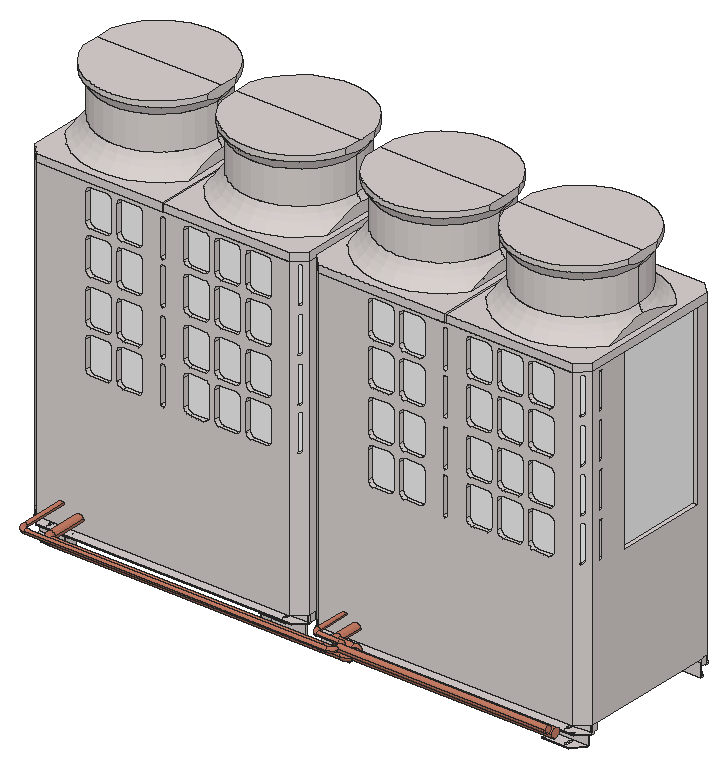
Revit family "PURY-EP900YSNW-A1", category 機械設備, Revit 2016 (continued)
Definition of nested family "PURY-EP450YNW-A1"
  Dimensions and locks
    cut or joined group 1 (Extrusion 1, Extrusion 2, Extrusion 3, Extrusion 4, Extrusion 5, Extrusion 6, Extrusion 7, Extrusion 8, Extrusion 9, Extrusion 10, Extrusion 11, Extrusion 12, Extrusion 13, Extrusion 14, Extrusion 15, Extrusion 16, Extrusion 17, Extrusion 18, Extrusion 19, Extrusion 20, Extrusion 21, Extrusion 22, Extrusion 23, Extrusion 24, Extrusion 25, Extrusion 26, Extrusion 27, Extrusion 28, Extrusion 29, Extrusion 30, Extrusion 31, Extrusion 32, Extrusion 33) to plane 12 to cut or joined group 1 = 805.000 mm, 621.000 mm
    plane 5 to plane 2 = 1858.000 mm  (x2)
    cut or joined group 1 to plane 19 "132" = 132.000 mm
    cut or joined group 1 to plane 22 = 207.000 mm
    cut or joined group 1 to plane 23 = 256.000 mm
    cut or joined group 1 to plane 6 = 60.000 mm
    cut or joined group 1 to cut or joined group 1 = 42.154 mm
    cut or joined group 1 to cut or joined group 1 = 11.895 mm
    nested 1 to nested 3 to level = 1798.000 mm, 60.000 mm
    nested 1 to nested 1 = 303.000 mm
    nested 1 to nested 3 = 1495.000 mm
    nested 8 to nested 8 to nested 8 to nested 7 to nested 7 to nested 7 = 54.000 mm, 20.000 mm, 592.000 mm, 20.000 mm, 54.000 mm
    nested 3 to nested 3 = 56.000 mm
    plane 11 to plane 31 to plane 32 to cut or joined group 1 = 90.000 mm, 1060.000 mm, 90.000 mm
    curve 103 to nested 7 = 90.000 mm
    curve 104 to nested 7 = 125.000 mm
    curve 101 to nested 7 = 100.000 mm
    curve 11 to curve 13 to nested 7 = 84.000 mm, 71.000 mm
    cut or joined group 1 to curve 12 to curve 14 = 125.000 mm, 148.000 mm
    nested 2 to nested 7 = 1495.000 mm
    curve 87 to cut or joined group 1 = 152.000 mm
    curve 88 to cut or joined group 1 = 172.000 mm
    curve 89 to cut or joined group 1 = 216.000 mm
    cut or joined group 1 to curve 4 to curve 2 = 128.000 mm, 150.000 mm
    cut or joined group 1 to curve 1 to curve 3 = 79.000 mm, 94.000 mm
    Extrusion 32 sketch curve to nested 7 = 116.000 mm
    cut or joined group 1 to Extrusion 32 sketch curve = 160.000 mm
    cut or joined group 1 to Extrusion 33 sketch curve = 243.000 mm
    Extrusion 33 sketch curve to nested 7 = 116.000 mm
    aligned and locked: level to plane 2
    aligned and locked: Extrusion 1 to plane 4
  Nested families
    nested 1: "FAN GUARD" at (-311.5, 2, 860), type "FAN GUARD"
      with WIDTH 870.000 mm
    nested 2: "FAN GUARD" at (311.5, 2, 860) x (-1, 0, 0) z (0, 0, 1), type "FAN GUARD"
      with WIDTH 870.000 mm
    nested 3: "ATTACHMENT LEG" at (-524, -349, 0), type "ATTACHMENT LEG"
    nested 4: "ATTACHMENT LEG" at (-524, 349, 0), type "ATTACHMENT LEG"
    nested 5: "ATTACHMENT LEG" at (524, -349, 0) x (-1, 0, 0) z (0, 0, 1), type "ATTACHMENT LEG"
    nested 6: "ATTACHMENT LEG" at (524, 349, 0) x (-1, 0, 0) z (0, 0, 1), type "ATTACHMENT LEG"
    nested 7: "BASE LEG_L_" at (0, -352, 60), type "BASE LEG_L_"
      with Width 1240.000 mm
    nested 8: "BASE LEG_L_" at (0, 352, 60), type "BASE LEG_L_"
      with Width 1240.000 mm
  Connectors
    piping at (-460, -191, 176), diameter 25.4, driven by "Liquid pipe_radius"
      settings: on cut or joined group 1, index 3, connector inside diameter 25.4 mm, connector length 0.000 mm, flow factor 0, pipe flow 0.0 L/s, pressure drop 0.0 Pa, fitting loss kfactor 0, connector angle 0.00°, fixture units 0, engagement length 0.000 mm, angle of deflection 0.00°, flow configuration 0, flow direction 0, fitting loss method 0, system type 22, joint type 0, gender type 0, connector reference index -1, connector utility 0, adjustable connector no, is connector primary yes, connector description "Refrigerant service valve<Liquid pipe>"
    piping at (-377, -191, 176), diameter 28.58, driven by "Gas pipe_radius"
      settings: on cut or joined group 1, index 4, connector inside diameter 28.58 mm, connector length 0.000 mm, flow factor 0, pipe flow 0.0 L/s, pressure drop 0.0 Pa, fitting loss kfactor 0, connector angle 0.00°, fixture units 0, engagement length 0.000 mm, angle of deflection 0.00°, flow configuration 0, flow direction 0, fitting loss method 0, system type 22, joint type 0, gender type 0, connector reference index -1, connector utility 0, adjustable connector no, is connector primary no, connector description "Refrigerant service valve<Gas>"
    electrical at (0, -370, 808)
      settings: on cut or joined group 1, index 5, voltage 0 V, apparent load 0 VA, apparent load phase1 0 VA, apparent load phase2 0 VA, apparent load phase3 0 VA, power factor 1, load classification none, number of poles 1, system type 30, power factor state 1, is connector primary yes, connector utility no, sub classification motor no, connector description ""
  Definition of nested family "FAN GUARD"
    Parameters
      WIDTH [instance] = 870.000 mm
    Reference planes
      plane 1 "中心(正面/背面)": y = -2
      plane 2: z = 0
      plane 3 "ファンガード基準面": z = 661
      plane 4: y = 368
      plane 5: x = 366
      plane 6: x = -375
      plane 7 "ファンガード基準上面": z = 695
      plane 8 "ファンガード上面": z = 998
      plane 9: x = -273.971
      plane 10: x = 308.5
      plane 11: x = -308.5
      plane 12: x = 0
    Forms (mm)
      Extrusion 1, solid
        sketch origin (85, 0, 661) x (-1, 0, 0) y (0, -1, 0)
          loop
            line (343.5, -368) -> (393.5, -318) -> (393.5, 322) -> (343.5, 372) -> (-223.5, 372) -> (-223.5, -368) -> (343.5, -368)
        from 0 to 34
      Revolve 2, solid
        sketch origin (0, -2, 0) x (1, 0, 0) y (0, 0, 1)
          loop
            line (0, 695) -> (0, 998) -> (-290, 998) -> (-290, 972.327) -> (-260, 928.372) -> (-260, 777.384)
            arc (-260, 777.384) -> (-290.651, 730.137) -> (-334.665, 695) r 175.882
            line (-334.665, 695) -> (0, 695)
          axis (0, 998) -> (0, 695)
        angle from 0 to 360
      Extrusion 3, void
        sketch origin (-840, 75, 695) x (-1, 0, 0) y (0, -1, 0)
          loop
            line (-410, -165) -> (-410, 315) -> (-561.253, 315) -> (-561.253, -165) -> (-410, -165)
        from -35 to 430.592
      Extrusion 4, void
        sketch origin (840, 75, 695) x (1, 0, 0) y (0, 1, 0)
          loop
            line (-410, 165) -> (-561.253, 165) -> (-561.253, -315) -> (-410, -315) -> (-410, 165)
        from 0 to 430.592
    Cuts and joins
      Extrusion 3, Extrusion 4 cuts Revolve 2
      Extrusion 4 cuts Extrusion 1
    Lines and regions (mm)
      model lines
        curve 1: line (-278.747, 0, 998) -> (-80, 0, 998)
        curve 2: line (80, 0, 998) -> (278.747, 0, 998)
        curve 3: circle (0, 0, 998) r 80 normal (0, 0, 1)
        curve 4: line (-278.747, -80, 998) -> (278.747, -80, 998)
        curve 5: line (-241.868, -160, 998) -> (241.868, -160, 998)
        curve 6: line (-162.788, -240, 998) -> (162.788, -240, 998)
        curve 7: line (-278.747, 80, 998) -> (278.747, 80, 998)
        curve 8: line (-241.868, 160, 998) -> (240, 160, 998)
        curve 9: line (-160, 240, 998) -> (162.788, 240, 998)
        curve 10: line (0, 290, 998) -> (0, -290, 998)
        curve 11: line (-20, 289.31, 998) -> (-20, -289.31, 998)
        curve 12: line (-40, 287.228, 998) -> (-40, -287.228, 998)
        curve 13: line (-60, 283.725, 998) -> (-60, -283.725, 998)
        curve 14: line (-80, 278.747, 998) -> (-80, -278.747, 998)
        curve 15: line (20, 289.31, 998) -> (20, -289.31, 998)
        curve 16: line (40, 287.228, 998) -> (40, -287.228, 998)
        curve 17: line (60, 283.725, 998) -> (60, -283.725, 998)
        curve 18: line (80, 278.747, 998) -> (80, -278.747, 998)
        curve 19: line (100, 272.213, 998) -> (100, -272.213, 998)
        curve 20: line (120, 264.008, 998) -> (120, -264.008, 998)
        curve 21: line (140, 253.969, 998) -> (140, -253.969, 998)
        curve 22: line (160, 241.868, 998) -> (160, -243.132, 998)
        curve 23: line (180, 227.376, 998) -> (180, -227.624, 998)
        curve 24: line (200, 210, 998) -> (200, -210, 998)
        curve 25: line (220, 188.944, 998) -> (220, -188.944, 998)
        curve 26: line (240, 160, 998) -> (240, -162.788, 998)
        curve 27: line (260, 128.452, 998) -> (260, -128.452, 998)
        curve 28: line (-100, 272.213, 998) -> (-100, -272.213, 998)
        curve 29: line (-120, 264.008, 998) -> (-120, -264.008, 998)
        curve 30: line (-140, 253.969, 998) -> (-140, -253.969, 998)
        curve 31: line (-160, 240, 998) -> (-160, -241.868, 998)
        curve 32: line (-180, 227.376, 998) -> (-180, -227.376, 998)
        curve 33: line (-200, 210, 998) -> (-200, -210, 998)
        curve 34: line (-220, 188.944, 998) -> (-220, -188.944, 998)
        curve 35: line (-240, 162.788, 998) -> (-240, -162.788, 998)
        curve 36: line (-260, 128.452, 998) -> (-260, -128.452, 998)
        curve 37: line (10, 79.373, 998) -> (10, -79.373, 998)
        curve 38: line (-10, 79.373, 998) -> (-10, -79.373, 998)
        curve 39: line (30, 74.162, 998) -> (30, -74.162, 998)
        curve 40: line (50, 62.45, 998) -> (50, -62.45, 998)
        curve 41: line (70, 38.73, 998) -> (70, -38.73, 998)
        curve 42: line (-30, 74.162, 998) -> (-30, -74.162, 998)
        curve 43: line (-50, 62.45, 998) -> (-50, -62.45, 998)
        curve 44: line (-70, 38.73, 998) -> (-70, -38.73, 998)
    Dimensions and locks
      locked: plane 8 "ファンガード上面" to plane 7 "ファンガード基準上面" at 303
      plane 8 "ファンガード上面" to plane 3 "ファンガード基準面" = 337.000 mm
      Revolve 2 sketch curve to Revolve 2 sketch curve = 290.000 mm
      Extrusion 1 sketch curve to Extrusion 1 sketch curve = 740.000 mm
      equal spacing: Extrusion 1 sketch curve, plane 1 "中心(正面/背面)", Extrusion 1 sketch curve
      plane 6 to plane 5 = 741.000 mm
      Extrusion 1 sketch curve to Extrusion 1 sketch curve = 617.000 mm
      plane 11 to plane 10 = 617.000 mm
      cut or joined group of Extrusion 1, Extrusion 4 to cut or joined group of Extrusion 1, Extrusion 4 = 617.000 mm
      cut or joined group of Extrusion 1, Extrusion 4 to cut or joined group of Extrusion 1, Extrusion 4 = 740.000 mm
      aligned and locked: level to plane 2
      aligned and locked: plane 7 "ファンガード基準上面" to Extrusion 1
      aligned and locked: plane 3 "ファンガード基準面" to Extrusion 1
      aligned and locked: cut or joined group of Revolve 2, Extrusion 3, Extrusion 4 to plane 8 "ファンガード上面"
  Definition of nested family "ATTACHMENT LEG"
    Parameters
      Width = 145.000 mm
    Reference planes
      plane 1: z = 0
      plane 2 "中心(左/右)": x = -6
      plane 3: x = -52
      plane 4: x = 85
      plane 5: x = 93
      plane 6: y = -21
      plane 7: y = 27
      plane 8: x = -30
      plane 9: y = 39
      plane 10: z = 60
      plane 11: z = 57
      plane 12: z = 3
      plane 13: x = 82
      plane 14: y = 36
      plane 15: x = -75
      plane 16: y = 31
      plane 17 "幅": x = 93
      plane 18: y = 2.5
      plane 19: y = 21
      plane 20: y = -10
    Forms (mm)
      Extrusion 1, solid
        sketch origin (0, -1, 0) x (1, 0, 0) y (0, 1, 0)
          loop
            line (-75, 36) -> (-75, 27) -> (-28, -20) -> (93, -20) -> (93, 32) -> (85, 32) -> (85, 36) -> (-75, 36)
        from 0 to 60
      Extrusion 2, void
        sketch origin (0, -3, 0) x (1, 0, 0) y (0, 0, 1)
          loop
            line (-75, 57) -> (-75, 3) -> (82, 3) -> (82, 57) -> (-75, 57)
          loop
            line (93, 57) -> (85, 57) -> (85, 3) -> (93, 3) -> (93, 57)
        from -35 to 18
      Extrusion 3, void
        sketch origin (-6, 5.5, 0) x (1, 0, 0) y (0, 1, 0)
          loop
            arc (-7, -8.5) -> (0, -15.5) -> (7, -8.5) r 7
            line (7, -8.5) -> (7, 8.5)
            arc (7, 8.5) -> (0, 15.5) -> (-7, 8.5) r 7
            line (-7, 8.5) -> (-7, -8.5)
        from 0 to 60
    Cuts and joins
      Extrusion 2, Extrusion 3 cuts Extrusion 1
    Dimensions and locks
      locked: plane 3 to plane 4 at 137
      locked: plane 3 to plane 5 at 145
      plane 6 to plane 7 = 48.000 mm
      locked: plane 10 to level at 60
      Extrusion 3 sketch curve to plane 2 "中心(左/右)" = 7.000 mm
      locked: plane 15 to plane 2 "中心(左/右)" at 69
      locked: plane 15 to plane 8 at 45
      locked: plane 6 to plane 18 at 23.5
      cut or joined group of Extrusion 1, Extrusion 2, Extrusion 3 to cut or joined group of Extrusion 1, Extrusion 2, Extrusion 3 = 168.000 mm
      cut or joined group of Extrusion 1, Extrusion 2, Extrusion 3 to cut or joined group of Extrusion 1, Extrusion 2, Extrusion 3 = 56.000 mm  (x2)
      plane 14 to plane 6 = 57.000 mm
      aligned and locked: level to plane 1
      aligned and locked: Extrusion 1 sketch curve to plane 4
      aligned and locked: Extrusion 1 sketch curve to plane 5
      aligned: plane 8 to Extrusion 1 sketch curve
      aligned and locked: plane 10 to Extrusion 1
      aligned and locked: Extrusion 2 sketch curve to plane 11
      aligned: plane 3 to Extrusion 2 sketch curve
      aligned and locked: plane 12 to Extrusion 2 sketch curve
      aligned and locked: Extrusion 2 sketch curve to plane 13
      aligned and locked: plane 6 to Extrusion 2
      aligned and locked: plane 11 to Extrusion 2 sketch curve
      aligned and locked: plane 5 to Extrusion 2 sketch curve
      aligned and locked: Extrusion 2 sketch curve to plane 12
      aligned and locked: Extrusion 2 sketch curve to plane 4
      aligned and locked: plane 15 to Extrusion 1 sketch curve
      aligned and locked: Extrusion 2 sketch curve to cut or joined group of Extrusion 1, Extrusion 2, Extrusion 3
      aligned and locked: Extrusion 1 to plane 16
  Definition of nested family "BASE LEG_L_"
    Parameters
      Width [instance] = 1240.000 mm
    Reference planes
      plane 1 "中心(正面/背面)": y = 0
      plane 2: z = 0
      plane 3 "中心(左/右)": x = 0
      plane 4: x = 620
      plane 5: x = -620
      plane 6: x = -530
      plane 7: x = 530
      plane 8: y = -18
      plane 9: y = 39
      plane 10: z = 53
      plane 11: y = 42
      plane 12: y = 27
      plane 13: x = 575
      plane 14: x = -575
      plane 15: z = 8
      plane 16: y = 11.5
      plane 17: z = 35
    Forms (mm)
      Extrusion 1, solid
        sketch origin (0, 0, 0) x (0, 1, 0) y (0, 0, 1)
          loop
            line (-18, 0) -> (36, 0) -> (36, 32) -> (56, 32) -> (56, 35) -> (33, 35) -> (33, 3) -> (-18, 3) -> (-18, 0)
        from -620 to 620
      Extrusion 2, void
        sketch origin (0, 0, 0) x (1, 0, 0) y (0, 1, 0)
          loop
            line (575, -18) -> (620, -18) -> (620, 27) -> (575, -18)
          loop
            line (-575, -18) -> (-620, 27) -> (-620, -18) -> (-575, -18)
        from 0 to 250
      Extrusion 3, void
        sketch origin (0, 12.023, 0) x (1, 0, 0) y (0, 1, 0)
          loop
            arc (523, -2.971) -> (530, -9.971) -> (537, -2.971) r 7
            line (537, -2.971) -> (537, 3.023)
            arc (537, 3.023) -> (530, 10.023) -> (523, 3.023) r 7
            line (523, 3.023) -> (523, -2.971)
          loop
            line (-523, -2.971) -> (-523, 3.023)
            arc (-523, 3.023) -> (-530, 10.023) -> (-537, 3.023) r 7
            line (-537, 3.023) -> (-537, -2.971)
            arc (-537, -2.971) -> (-530, -9.971) -> (-523, -2.971) r 7
        from 0 to 250
      Extrusion 4, solid
        sketch origin (0, 0, -3) x (1, 0, 0) y (0, 0, 1)
          loop
            line (617, 8) -> (620, 8) -> (620, 35) -> (617, 35) -> (617, 8)
          loop
            line (-617, 8) -> (-617, 35) -> (-620, 35) -> (-620, 8) -> (-617, 8)
        from -36 to -56
      Extrusion 5, solid
        sketch origin (150, 352, 0) x (1, 0, 0) y (0, 1, 0)
          loop
            line (460, -319) -> (455, -319) -> (455, -320) -> (405, -370) -> (410, -370) -> (460, -320) -> (460, -319)
        from 3 to 35
      Extrusion 6, void
        sketch origin (560, -18, 0) x (0.707107, 0.707107, 0) y (0, 0, 1)
          loop
            line (70.711, 3) -> (-6.741, 39.767) -> (-6.741, 3) -> (70.711, 3)
        from -190.256 to 23.776
      Extrusion 7, solid
        sketch origin (-150, 352, 0) x (-1, 0, 0) y (0, -1, 0)
          loop
            line (460, 319) -> (460, 320) -> (410, 370) -> (405, 370) -> (455, 320) -> (455, 319) -> (460, 319)
        from 3 to 35
      Extrusion 8, void
        sketch origin (-560, -18, 0) x (0.707107, -0.707107, 0) y (0, 0, -1)
          loop
            line (-70.711, -3) -> (0, -35) -> (6.741, -35) -> (6.741, -3) -> (-70.711, -3)
        from -190.256 to 23.776
    Cuts and joins
      Extrusion 2, Extrusion 3 cuts Extrusion 1
      joined: Extrusion 1, Extrusion 4
      Extrusion 8 cuts Extrusion 7
      Extrusion 6 cuts Extrusion 5
    Dimensions and locks
      "Width": plane 5 to plane 4
      equal spacing: plane 5, plane 3 "中心(左/右)", plane 4
      locked: plane 5 to plane 6 at 90
      locked: plane 7 to plane 4 at 90
      locked: plane 8 to plane 9 at 57
      locked: plane 10 to level at 53
      locked: plane 9 to plane 11 at 3
      plane 8 to plane 12 = 45.000 mm
      locked: plane 13 to plane 4 at 45
      locked: plane 5 to plane 14 at 45
      equal spacing: Extrusion 3 sketch curve, plane 7, Extrusion 3 sketch curve
      equal spacing: Extrusion 3 sketch curve, plane 6, Extrusion 3 sketch curve
      locked: plane 10 to plane 15 at 45
      locked: cut or joined group of Extrusion 1, Extrusion 2, Extrusion 3, Extrusion 4 to Extrusion 4 sketch curve at 3  (x2)
      locked: plane 8 to plane 16 at 29.5
      plane 8 to plane 11 = 60.000 mm
      cut or joined group of Extrusion 1, Extrusion 2, Extrusion 3, Extrusion 4 to cut or joined group of Extrusion 1, Extrusion 2, Extrusion 3, Extrusion 4 = 35.000 mm
      aligned and locked: level to plane 2
      aligned and locked: plane 8 to Extrusion 1 sketch curve
      aligned and locked: plane 4 to Extrusion 1
      aligned and locked: Extrusion 1 to plane 5
      aligned and locked: Extrusion 2 sketch curve to plane 4
      aligned and locked: Extrusion 2 sketch curve to plane 8
      aligned and locked: plane 12 to Extrusion 2 sketch curve
      aligned and locked: plane 13 to Extrusion 2 sketch curve
      aligned and locked: plane 4 to Extrusion 4 sketch curve
      aligned and locked: plane 5 to Extrusion 4 sketch curve
      aligned and locked: cut or joined group of Extrusion 7, Extrusion 8 to cut or joined group of Extrusion 1, Extrusion 2, Extrusion 3, Extrusion 4
    Automatic sketch dimensions
      Extrusion 3 sketch curve to plane 1 "中心(正面/背面)" = 9.052 mm  (x2)
      Extrusion 3 sketch curve to plane 7 = 7.000 mm
      Extrusion 3 sketch curve to plane 1 "中心(正面/背面)" = 15.046 mm  (x2)
      Extrusion 3 sketch curve to plane 6 = 7.000 mm
      Extrusion 2 sketch curve to plane 5 = 0.000 mm
      plane 8 to Extrusion 2 sketch curve = 0.000 mm
      Extrusion 2 sketch curve to plane 14 = 0.000 mm
      plane 12 to Extrusion 2 sketch curve = 0.000 mm
      Extrusion 4 sketch curve to plane 10 = 21.000 mm
      plane 7 to Extrusion 5 sketch curve = 25.000 mm
      Extrusion 5 sketch curve to Extrusion 5 sketch curve = 5.000 mm  (x2)
      plane 7 to Extrusion 5 sketch curve = 75.000 mm
      plane 8 to Extrusion 5 sketch curve = 0.000 mm
      Extrusion 5 sketch curve to Extrusion 5 sketch curve = 50.000 mm
      Extrusion 5 sketch curve to Extrusion 5 sketch curve = 0.000 mm
      Extrusion 5 sketch curve to Extrusion 5 sketch curve = 1.000 mm
      Extrusion 6 sketch curve to Extrusion 5 = 0.000 mm  (x2)
      Extrusion 6 sketch curve to Extrusion 5 = 6.741 mm
      Extrusion 6 sketch curve to Extrusion 5 = 4.767 mm
      plane 6 to Extrusion 7 sketch curve = 25.000 mm
      Extrusion 7 sketch curve to Extrusion 7 sketch curve = 5.000 mm  (x2)
      Extrusion 7 sketch curve to Extrusion 7 sketch curve = 45.000 mm
      Extrusion 7 sketch curve to plane 8 = 0.000 mm
      Extrusion 7 sketch curve to Extrusion 7 sketch curve = 50.000 mm
      Extrusion 7 sketch curve to Extrusion 7 sketch curve = 0.000 mm
      Extrusion 7 sketch curve to Extrusion 7 sketch curve = 1.000 mm
      Extrusion 8 sketch curve to Extrusion 7 = 0.000 mm  (x2)
      Extrusion 7 to Extrusion 8 sketch curve = 0.000 mm  (x2)
      Extrusion 7 to Extrusion 8 sketch curve = 6.741 mm
      Extrusion 4 sketch curve to plane 17 = 3.000 mm
      Extrusion 4 sketch curve to plane 15 = 3.000 mm  (x2)
      Extrusion 1 sketch curve to plane 17 = 0.000 mm
      Extrusion 1 sketch curve to level = 0.000 mm
      level to Extrusion 1 sketch curve = 3.000 mm
      plane 9 to Extrusion 1 sketch curve = 6.000 mm
      plane 9 to Extrusion 1 sketch curve = 3.000 mm
      Extrusion 1 sketch curve to plane 17 = 3.000 mm
      Extrusion 1 sketch curve to plane 11 = 14.000 mm
Types (6, lengths in mm): name | Voltage | Hertz | Heating Rated Load Ampacity (A) | Heating Current Input (Nominal) (A) | Heating Current Input (A) | Cooling Rated Load Ampacity (A) | Cooling Current Input (A)
  PURY-EP900YSNW-A1_380V_50Hz | 380 V | 50 Hz | 51.2 | 42.7 | 51.2 | 48.7 | 48.7
  PURY-EP900YSNW-A1_380V_60Hz | 380 V | 60 Hz | 51.2 | 42.7 | 51.2 | 48.7 | 48.7
  PURY-EP900YSNW-A1_400V_50Hz | 400 V | 50 Hz | 48.7 | 40.5 | 48.7 | 46.2 | 46.2
  PURY-EP900YSNW-A1_400V_60Hz | 400 V | 60 Hz | 48.7 | 40.5 | 48.7 | 46.2 | 46.2
  PURY-EP900YSNW-A1_415V_50Hz | 415 V | 50 Hz | 46.9 | 39.1 | 46.9 | 44.5 | 44.5
  PURY-EP900YSNW-A1_415V_60Hz | 415 V | 60 Hz | 46.9 | 39.1 | 46.9 | 44.5 | 44.5
